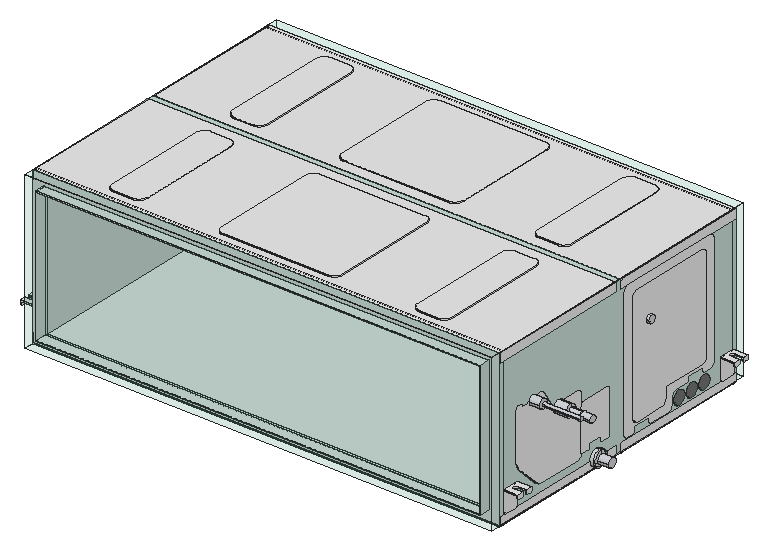
Revit family "SINGLE_BIG_DUCT_EU", category 기계 장비, Revit 2014
Parameters (values of type "18.00 kW,  220-240V, BIG DUCT")
  제조업체 = "SAMSUNG"
  모델 = "AC180JNHPKH/EU"
  Voltage [instance] = "220~240 V"
  URL = "www.samsung.com"
  Total Heating Capacity [instance] = 20 kW
  Total Cooling Capacity [instance] = 18 kW
  System Served = ""
  Supply Air Connection Width [instance] = 0.00 mm
  Supply Air Connection Offset Bottom [instance] = 0.00 mm
  Supply Air Connection Height [instance] = 0.00 mm
  Subscribe for Update Alerts = ""
  Sound Pressure Middle [instance] = "39.00 dB(A)"
  Sound Pressure Low [instance] = "35.00 dB(A)"
  Sound Pressure High [instance] = "43.00 dB(A)"
  Sound Power Cooling [instance] = "79.00 dB(A)"
  Serial Number = ""
  Sensible Cooling Capacity [instance] = 0 kW
  Sales Rep Locator = ""
  Return Air Connection Width [instance] = 0.00 mm
  Return Air Connection Offset Bottom [instance] = 0.00 mm
  Return Air Connection Height [instance] = 0.00 mm
  Refrigerant Type = "R410A"
  Refrigerant Liquid Connection Radius [instance] = if(1 = 1, Refrigerant Liquid Connection Diameter / 2, 0.00 mm)  # 4.76 mm
  Refrigerant Liquid Connection Offset Left [instance] = 144.701 mm
  Refrigerant Liquid Connection Offset Bottom [instance] = 278.691 mm
  Refrigerant Liquid Connection Diameter [instance] = 9.52 mm
  Refrigerant Suction Gas Connection Radius [instance] = if(1 = 1, Refrigerant Suction Gas Connection Diameter / 2, 0.00 mm)  # 9.525 mm
  Refrigerant Suction Gas Connection Offset Left [instance] = 238.05 mm
  Refrigerant Suction Gas Connection Offset Bottom [instance] = 221.744 mm
  Refrigerant Suction Gas Connection Diameter [instance] = 19.05 mm
  Power Connection Offset Left [instance] = 562.058 mm
  Power Connection Offset Bottom [instance] = 307.237 mm
  Panel net Dimensions Width [instance] = 0.00 mm
  Panel net Dimensions Height [instance] = 0.00 mm
  Panel net Dimensions Depth [instance] = 0.00 mm
  Conduit for power supply & communication wiring [instance] = 20.00 mm
  Condensate Drain Connection Radius [instance] = if(1 = 1, Condensate Drain Connection Diameter / 2, 0.00 mm)  # 12.50 mm
  Condensate Drain Connection Offset left [instance] = 374.638 mm
  Condensate Drain Connection Offset Bottom [instance] = 30.00 mm
  Condensate Drain Connection Diameter [instance] = 25.00 mm
  Product Page URL = ""
  Product Documentation Link = ""
  Power Supply [instance] = 50 Hz
  Power Input Heationg [instance] = 0 W
  Power Input Cooling [instance] = 0 W
  Phase [instance] = 1
  Panel Model = ""
  Panel  Net Weight = 0.00 kg
  Number of poles [instance] = ""
  Notes = ""
  Net Dimensions Width [instance] = 1350.00 mm
  Net Dimensions Height [instance] = 450.00 mm
  Net Dimensions Depth [instance] = 910.00 mm
  Net  Weight = 20.20 kg
  Motor Output = 500 W
  Maximum Rated Over Protection Device [instance] = "Fuse"
  Manufacturer Metadata = ""
  Location = ""
  Heating Leaving Dry Bulb Temperature [instance] = 0 °C
  Heating Entering Dry Bulb Temperature [instance] = 7 °C
  Free Content Downloads = ""
  Family Load Status [instance] = "Valid - Type loaded via type catalog"
  External Static Pressure [instance] = "6.12 mmAq"
  Equipment Finish [instance] = Molded case
  Designation = ""
  Design Heating Air Flow Minimum [instance] = "0.00 CMM"
  Design Heating Air Flow Maximum [instance] = "0.00 CMM"
  Design Cooling Air Flow Minimum [instance] = "50.00 CMM"
  Design Cooling Air Flow Maximum [instance] = "71.00 CMM"
  Design Ambient Winter Wet Bulb Temperature [instance] = 6 °C
  Design Ambient Winter Dry Bulb Temperature [instance] = 7 °C
  Design Ambient Summer Dry Bulb Temperature [instance] = 35 °C
  Decoration Panel Finish [instance] = Ivory
  Current Input Heating [instance] = 0 A
  Current Input Cooling [instance] = 0 A
  Cooling Leaving Wet Bulb Temperature [instance] = 0 °C
  Cooling Leaving Dry Bulb Temperature [instance] = 0 °C
  Cooling Entering Wet Bulb Temperature [instance] = 27 °C
  Cooling Entering Dry Bulb Temperature [instance] = 35 °C
  Clearance Type [instance] = Do not Include Clearance : Do not Include Clearance
  Clearance Offset Top [instance] = 0.00 mm
  Clearance Offset Right [instance] = 0.00 mm
  Clearance Offset Left [instance] = 0.00 mm
  Clearance Offset Front [instance] = 0.00 mm
  Clearance Offset Bottom [instance] = 0.00 mm
  Clearance Offset Back [instance] = 0.00 mm
  Air outlet duct Width [instance] = 1284.00 mm
  Air outlet duct Height [instance] = 387.00 mm
  Air inlet duct Width [instance] = 1284.00 mm
  Air inlet duct Height [instance] = 387.00 mm
  Actual Ventilation Air Flow [instance] = "0.00 CMM"
  Actual Supply Air Flow [instance] = "0.00 CMM"
  Actual Return Air Flow [instance] = "0.00 CMM"
  Actual Air Flow Imbalance [instance] = "0.00 CMM"
Types (4, lengths in mm): name | 모델 | Total Heating Capacity | Total Cooling Capacity | Sound Pressure Middle | Sound Pressure Low | Sound Pressure High | Sound Power Cooling | Refrigerant Suction Gas Connection Radius | Refrigerant Suction Gas Connection Diameter | Net  Weight | Motor Output | External Static Pressure | Design Cooling Air Flow Minimum | Design Cooling Air Flow Maximum
  (no name) | "AC180JNHPKH/EU" | 20 kW | 18 kW | "39.00 dB(A)" | "35.00 dB(A)" | "43.00 dB(A)" | "79.00 dB(A)" | 9.525 | 19.05 | 20.20 kg | 500 W | "6.12 mmAq" | "50.00 CMM" | "71.00 CMM"
  18.00 kW,  220-240V, BIG DUCT | "AC180JNHPKH/EU" | 20 kW | 18 kW | "39.00 dB(A)" | "35.00 dB(A)" | "43.00 dB(A)" | "79.00 dB(A)" | 9.525 | 19.05 | 20.20 kg | 500 W | "6.12 mmAq" | "50.00 CMM" | "71.00 CMM"
  20.00 kW,  220-240V, BIG DUCT | "AC200KNHPKH/EU" | 23 kW | 20 kW | "38.00 dB(A)" | "40.00 dB(A)" | "44.00 dB(A)" | "36.00 dB(A)" | 9.525 | 19.05 | 23.50 kg | 630 W | "7.34 mmAq" | "48.00 CMM" | "72.00 CMM"
  25.00 kW,  220-240V, BIG DUCT | "AC250KNHPKH/EU" | 27 kW | 25 kW | "39.00 dB(A)" | "42.00 dB(A)" | "47.00 dB(A)" | "37.00 dB(A)" | 11.11 | 22.22 | 23.50 kg | 630 W | "7.34 mmAq" | "51.00 CMM" | "80.00 CMM"
Reference planes
  plane 1 "중심(앞/뒤)": y = 0
  plane 2: z = 0
  plane 3 "중심(왼쪽/오른쪽)": x = 0
  plane 4 "a": y = 455
  plane 5 "aa": y = -455
  plane 6: x = -719.5
  plane 7: x = 719.5
  plane 8 "bb": x = 675
  plane 9 "b": x = -675
  plane 10 "h": z = 450
  plane 11: x = -642
  plane 12: x = 642
  plane 13: z = 418.5
  plane 14: z = 31.5
  plane 15: z = 225
  plane 16: x = 642
  plane 17: x = -642
  plane 18: z = 418.5
  plane 19: z = 31.5
  plane 20: z = 278.691
  plane 21: z = 221.744
  plane 22: z = 30
  plane 23: z = 307.237
  plane 24: y = 107.058
Forms (mm)
  Extrusion 1, solid, material "Ivory"
    sketch origin (0, 0, 0) x (1, 0, 0) y (0, 0, 1)
      loop
        line (-642, 418.5) -> (-642, 31.5) -> (642, 31.5) -> (642, 418.5) -> (-642, 418.5)
      loop
        arc (-674.2, 1.8) -> (-673.907, 1.093) -> (-673.2, 0.8) r 1
        line (-673.2, 0.8) -> (673.2, 0.8)
        arc (673.2, 0.8) -> (673.907, 1.093) -> (674.2, 1.8) r 1
        line (674.2, 1.8) -> (674.2, 448.2)
        arc (674.2, 448.2) -> (673.907, 448.907) -> (673.2, 449.2) r 1
        line (673.2, 449.2) -> (-673.2, 449.2)
        arc (-673.2, 449.2) -> (-673.907, 448.907) -> (-674.2, 448.2) r 1
        line (-674.2, 448.2) -> (-674.2, 1.8)
    from 415 to 424.802
  Extrusion 2, solid, material "Ivory"
    sketch origin (0, -455, 0) x (1, 0, 0) y (0, 0, 1)
      loop
        line (-674.2, 424.2) -> (-674.2, 448.2)
        arc (-674.2, 448.2) -> (-673.907, 448.907) -> (-673.2, 449.2) r 1
        line (-673.2, 449.2) -> (673.2, 449.2)
        arc (673.2, 449.2) -> (673.907, 448.907) -> (674.2, 448.2) r 1
        line (674.2, 448.2) -> (674.2, 424.2) -> (675, 424.2) -> (675, 448.2)
        arc (675, 448.2) -> (674.473, 449.473) -> (673.2, 450) r 1.8
        line (673.2, 450) -> (-673.2, 450)
        arc (-673.2, 450) -> (-674.473, 449.473) -> (-675, 448.2) r 1.8
        line (-675, 448.2) -> (-675, 424.2) -> (-674.2, 424.2)
    from -445.802 to -30.198
  Extrusion 3, solid, material "Ivory"
    sketch origin (0, -455, 0) x (1, 0, 0) y (0, 0, 1)
      loop
        line (-642, 418.5) -> (-642, 31.5) -> (642, 31.5) -> (642, 418.5) -> (-642, 418.5)
      loop
        line (-640.8, 32.7) -> (640.8, 32.7) -> (640.8, 417.3) -> (-640.8, 417.3) -> (-640.8, 32.7)
    from -30.198 to 0
  Extrusion 4, solid, material "Ivory"
    sketch origin (0, -455, 0) x (1, 0, 0) y (0, 0, 1)
      loop
        arc (674.2, 448.2) -> (673.907, 448.907) -> (673.2, 449.2) r 1
        line (673.2, 449.2) -> (-673.2, 449.2)
        arc (-673.2, 449.2) -> (-673.907, 448.907) -> (-674.2, 448.2) r 1
        line (-674.2, 448.2) -> (-674.2, 1.8)
        arc (-674.2, 1.8) -> (-673.907, 1.093) -> (-673.2, 0.8) r 1
        line (-673.2, 0.8) -> (673.2, 0.8)
        arc (673.2, 0.8) -> (673.907, 1.093) -> (674.2, 1.8) r 1
        line (674.2, 1.8) -> (674.2, 448.2)
      loop
        line (-669.2, 5.8) -> (669.2, 5.8) -> (669.2, 444.2) -> (-669.2, 444.2) -> (-669.2, 5.8)
    from -870 to -40
  Extrusion 5, solid, material "Ivory"
    sketch origin (0, 455, 0) x (1, 0, 0) y (0, 0, -1)
      loop
        line (-642, -418.5) -> (642, -418.5) -> (642, -31.5) -> (-642, -31.5) -> (-642, -418.5)
      loop
        line (-640.8, -32.7) -> (-640.8, -417.3) -> (640.8, -417.3) -> (640.8, -32.7) -> (-640.8, -32.7)
    from -30.198 to 0
  Extrusion 6, solid, material "Ivory"
    sketch origin (0, 0, 0) x (1, 0, 0) y (0, 0, -1)
      loop
        line (-642, -418.5) -> (642, -418.5) -> (642, -31.5) -> (-642, -31.5) -> (-642, -418.5)
      loop
        line (-674.2, -1.8) -> (-674.2, -448.2)
        arc (-674.2, -448.2) -> (-673.907, -448.907) -> (-673.2, -449.2) r 1
        line (-673.2, -449.2) -> (673.2, -449.2)
        arc (673.2, -449.2) -> (673.907, -448.907) -> (674.2, -448.2) r 1
        line (674.2, -448.2) -> (674.2, -1.8)
        arc (674.2, -1.8) -> (673.907, -1.093) -> (673.2, -0.8) r 1
        line (673.2, -0.8) -> (-673.2, -0.8)
        arc (-673.2, -0.8) -> (-673.907, -1.093) -> (-674.2, -1.8) r 1
    from 415 to 424.802
  Extrusion 7, solid, material "Ivory"
    sketch origin (0, -455, 449.9) x (1, 0, 0) y (0, 0, 1)
      loop
        line (-674.2, -424.1) -> (-675, -424.1) -> (-675, -448.1)
        arc (-675, -448.1) -> (-674.473, -449.373) -> (-673.2, -449.9) r 1.8
        line (-673.2, -449.9) -> (673.2, -449.9)
        arc (673.2, -449.9) -> (674.473, -449.373) -> (675, -448.1) r 1.8
        line (675, -448.1) -> (675, -424.1) -> (674.2, -424.1) -> (674.2, -448.1)
        arc (674.2, -448.1) -> (673.907, -448.807) -> (673.2, -449.1) r 1
        line (673.2, -449.1) -> (-673.2, -449.1)
        arc (-673.2, -449.1) -> (-673.907, -448.807) -> (-674.2, -448.1) r 1
        line (-674.2, -448.1) -> (-674.2, -424.1)
    from -445.802 to -30.198
  Extrusion 8, solid, material "Ivory"
    sketch origin (0, 455, 0) x (1, 0, 0) y (0, 0, -1)
      loop
        line (-674.2, -424.2) -> (-675, -424.2) -> (-675, -448.2)
        arc (-675, -448.2) -> (-674.473, -449.473) -> (-673.2, -450) r 1.8
        line (-673.2, -450) -> (673.2, -450)
        arc (673.2, -450) -> (674.473, -449.473) -> (675, -448.2) r 1.8
        line (675, -448.2) -> (675, -424.2) -> (674.2, -424.2) -> (674.2, -448.2)
        arc (674.2, -448.2) -> (673.907, -448.907) -> (673.2, -449.2) r 1
        line (673.2, -449.2) -> (-673.2, -449.2)
        arc (-673.2, -449.2) -> (-673.907, -448.907) -> (-674.2, -448.2) r 1
        line (-674.2, -448.2) -> (-674.2, -424.2)
    from -445.802 to -30.198
  Extrusion 9, solid, material "Ivory"
    sketch origin (0, 455, 449.9) x (1, 0, 0) y (0, 0, -1)
      loop
        line (-674.2, 424.1) -> (-674.2, 448.1)
        arc (-674.2, 448.1) -> (-673.907, 448.807) -> (-673.2, 449.1) r 1
        line (-673.2, 449.1) -> (673.2, 449.1)
        arc (673.2, 449.1) -> (673.907, 448.807) -> (674.2, 448.1) r 1
        line (674.2, 448.1) -> (674.2, 424.1) -> (675, 424.1) -> (675, 448.1)
        arc (675, 448.1) -> (674.473, 449.373) -> (673.2, 449.9) r 1.8
        line (673.2, 449.9) -> (-673.2, 449.9)
        arc (-673.2, 449.9) -> (-674.473, 449.373) -> (-675, 448.1) r 1.8
        line (-675, 448.1) -> (-675, 424.1) -> (-674.2, 424.1)
    from -445.802 to -30.198
  Extrusion 10, solid, material "Ivory"
    sketch origin (0, 0, 0) x (1, 0, 0) y (0, 1, 0)
      loop
        line (-390.193, 67) -> (-390.193, 367)
        arc (-390.193, 367) -> (-397.459, 384.541) -> (-415, 391.807) r 24.807
        line (-415, 391.807) -> (-466, 391.807)
        arc (-466, 391.807) -> (-483.541, 384.541) -> (-490.807, 367) r 24.807
        line (-490.807, 367) -> (-490.807, 67)
        arc (-490.807, 67) -> (-483.541, 49.459) -> (-466, 42.193) r 24.807
        line (-466, 42.193) -> (-415, 42.193)
        arc (-415, 42.193) -> (-397.459, 49.459) -> (-390.193, 67) r 24.807
      loop
        line (-174.807, 367) -> (-174.807, 67)
        arc (-174.807, 67) -> (-167.541, 49.459) -> (-150, 42.193) r 24.807
        line (-150, 42.193) -> (150, 42.193)
        arc (150, 42.193) -> (167.541, 49.459) -> (174.807, 67) r 24.807
        line (174.807, 67) -> (174.807, 367)
        arc (174.807, 367) -> (167.541, 384.541) -> (150, 391.807) r 24.807
        line (150, 391.807) -> (-150, 391.807)
        arc (-150, 391.807) -> (-167.541, 384.541) -> (-174.807, 367) r 24.807
      loop
        line (390.193, 367) -> (390.193, 67)
        arc (390.193, 67) -> (397.459, 49.459) -> (415, 42.193) r 24.807
        line (415, 42.193) -> (466, 42.193)
        arc (466, 42.193) -> (483.541, 49.459) -> (490.807, 67) r 24.807
        line (490.807, 67) -> (490.807, 367)
        arc (490.807, 367) -> (483.541, 384.541) -> (466, 391.807) r 24.807
        line (466, 391.807) -> (415, 391.807)
        arc (415, 391.807) -> (397.459, 384.541) -> (390.193, 367) r 24.807
      loop
        line (390.193, -67) -> (390.193, -367)
        arc (390.193, -367) -> (397.459, -384.541) -> (415, -391.807) r 24.807
        line (415, -391.807) -> (466, -391.807)
        arc (466, -391.807) -> (483.541, -384.541) -> (490.807, -367) r 24.807
        line (490.807, -367) -> (490.807, -67)
        arc (490.807, -67) -> (483.541, -49.459) -> (466, -42.193) r 24.807
        line (466, -42.193) -> (415, -42.193)
        arc (415, -42.193) -> (397.459, -49.459) -> (390.193, -67) r 24.807
      loop
        line (174.807, -367) -> (174.807, -67)
        arc (174.807, -67) -> (167.541, -49.459) -> (150, -42.193) r 24.807
        line (150, -42.193) -> (-150, -42.193)
        arc (-150, -42.193) -> (-167.541, -49.459) -> (-174.807, -67) r 24.807
        line (-174.807, -67) -> (-174.807, -367)
        arc (-174.807, -367) -> (-167.541, -384.541) -> (-150, -391.807) r 24.807
        line (-150, -391.807) -> (150, -391.807)
        arc (150, -391.807) -> (167.541, -384.541) -> (174.807, -367) r 24.807
      loop
        line (-390.193, -367) -> (-390.193, -67)
        arc (-390.193, -67) -> (-397.459, -49.459) -> (-415, -42.193) r 24.807
        line (-415, -42.193) -> (-466, -42.193)
        arc (-466, -42.193) -> (-483.541, -49.459) -> (-490.807, -67) r 24.807
        line (-490.807, -67) -> (-490.807, -367)
        arc (-490.807, -367) -> (-483.541, -384.541) -> (-466, -391.807) r 24.807
        line (-466, -391.807) -> (-415, -391.807)
        arc (-415, -391.807) -> (-397.459, -384.541) -> (-390.193, -367) r 24.807
    from 450 to 452
  Extrusion 11, solid
    sketch origin (677.1, 65, 397.454) x (0, -1, 0) y (0, 0, -1)
      loop
        circle (-42.058, 90.217) r 10
    from 0 to 10
Dimensions and locks
  locked: Extrusion 3 to plane 5 "aa" at 30.198
  equal spacing: plane 5 "aa", plane 1 "중심(앞/뒤)", plane 4 "a"
  "Net Dimensions Depth": plane 5 "aa" to plane 4 "a"
  equal spacing: plane 9 "b", plane 3 "중심(왼쪽/오른쪽)", plane 8 "bb"
  "Net Dimensions Width": plane 9 "b" to plane 8 "bb"
  locked: Extrusion 5 to plane 4 "a" at 30.198
  locked: Extrusion 6 to Extrusion 6 at 9.802
  locked: Extrusion 1 to Extrusion 1 at 9.802
  locked: Extrusion 2 sketch curve to plane 9 "b" at 0.8
  locked: plane 10 "h" to Extrusion 2 sketch curve at 0.8
  locked: plane 10 "h" to Extrusion 2 sketch curve at 25.8  (x2)
  locked: plane 8 "bb" to Extrusion 2 sketch curve at 0.8
  locked: Extrusion 7 sketch curve to level at 25.8  (x2)
  locked: Extrusion 7 sketch curve to plane 9 "b" at 0.8
  locked: plane 8 "bb" to Extrusion 7 sketch curve at 0.8
  locked: Extrusion 4 sketch curve to Extrusion 4 sketch curve at 5  (x4)
  "Net Dimensions Height": plane 10 "h" to level
  locked: plane 9 "b" to plane 6 at 44.5
  locked: plane 7 to plane 8 "bb" at 44.5
  "Air outlet duct Height": plane 13 to plane 14
  "Air outlet duct Width": plane 11 to plane 12
  locked: Extrusion 3 sketch curve to Extrusion 3 sketch curve at 1.2  (x4)
  equal spacing: plane 11, plane 3 "중심(왼쪽/오른쪽)", plane 12  (x2)
  equal spacing: plane 13, plane 15, plane 14
  locked: Extrusion 5 sketch curve to Extrusion 5 sketch curve at 1.2  (x4)
  "Air inlet duct Width": plane 16 to plane 17
  equal spacing: plane 16, plane 3 "중심(왼쪽/오른쪽)", plane 17
  equal spacing: plane 19, plane 15, plane 18
  "Air inlet duct Height": plane 19 to plane 18
  locked: Extrusion 8 sketch curve to plane 10 "h" at 25.8  (x2)
  locked: Extrusion 8 sketch curve to Extrusion 8 sketch curve at 0.8  (x3)
  locked: level to Extrusion 9 sketch curve at 25.8  (x2)
  locked: Extrusion 9 sketch curve to Extrusion 9 sketch curve at 0.8  (x3)
  locked: plane 1 "중심(앞/뒤)" to Extrusion 8 at 9.198
  locked: Extrusion 2 to plane 1 "중심(앞/뒤)" at 9.198
  locked: level to nested 2 at 27
  locked: level to nested 1 at 27
  locked: level to nested 4 at 27
  locked: level to nested 3 at 27
  locked: nested 1 to level at 27
  locked: nested 2 to level at 27
  locked: plane 1 "중심(앞/뒤)" to Extrusion 9 at 9.198
  locked: Extrusion 7 to plane 1 "중심(앞/뒤)" at 9.198
  locked: nested 5 to Extrusion 6 at 70
  locked: level to nested 5 at 30
  locked: nested 6 to level at 30
  "Condensate Drain Connection Offset left": plane 5 "aa" to nested 6
  locked: nested 7 to level at 221.744
  "Refrigerant Suction Gas Connection Offset Left": plane 5 "aa" to nested 7
  locked: nested 8 to level at 278.697
  "Refrigerant Liquid Connection Offset Left": plane 5 "aa" to nested 8
  locked: plane 5 "aa" to nested 9 at 84.339
  locked: level to nested 9 at 48.5
  locked: Extrusion 10 sketch curve to Extrusion 6 at 23.193  (x3)
  locked: Extrusion 9 to Extrusion 10 sketch curve at 32.995  (x3)
  locked: Extrusion 7 to Extrusion 10 sketch curve at 32.995  (x3)
  locked: Extrusion 4 to Extrusion 10 sketch curve at 23.193  (x3)
  locked: Extrusion 10 to Extrusion 2 at 2
  equal spacing: plane 10 "h", plane 15, level
  "Condensate Drain Connection Offset Bottom": level to plane 22
  "Refrigerant Suction Gas Connection Offset Bottom": plane 21 to level
  "Refrigerant Liquid Connection Offset Bottom": plane 20 to level
  locked: nested 5 to Extrusion 11 at 10
  "Power Connection Offset Bottom": plane 23 to level
  "Power Connection Offset Left": plane 5 "aa" to plane 24
  radius of Extrusion 2 sketch curve = 1.80 mm  (x2)
  radius of Extrusion 2 sketch curve = 1.00 mm  (x2)
  radius of Extrusion 4 sketch curve = 1.00 mm  (x4)
  radius of Extrusion 7 sketch curve = 1.80 mm  (x2)
  radius of Extrusion 7 sketch curve = 1.00 mm  (x2)
  radius of Extrusion 1 sketch curve = 1.00 mm  (x4)
  radius of Extrusion 6 sketch curve = 1.00 mm  (x4)
  radius of Extrusion 8 sketch curve = 1.80 mm  (x2)
  radius of Extrusion 8 sketch curve = 1.00 mm  (x2)
  radius of Extrusion 9 sketch curve = 1.80 mm  (x2)
  radius of Extrusion 9 sketch curve = 1.00 mm  (x2)
  "Conduit for power supply & communication wiring": diameter of Extrusion 11 sketch curve
  aligned and locked: level to plane 2
  aligned and locked: Extrusion 1 to Extrusion 3
  aligned and locked: Extrusion 4 to Extrusion 1
  aligned and locked: Extrusion 5 to plane 4 "a"
  aligned and locked: Extrusion 6 to Extrusion 5
  aligned and locked: Extrusion 4 to Extrusion 6
  aligned and locked: plane 9 "b" to Extrusion 2 sketch curve
  aligned and locked: Extrusion 2 sketch curve to plane 10 "h"
  aligned and locked: Extrusion 1 to Extrusion 4 sketch curve
  aligned and locked: Extrusion 4 sketch curve to Extrusion 2  (x2)
  aligned and locked: Extrusion 7 sketch curve to plane 9 "b"
  aligned and locked: Extrusion 4 sketch curve to Extrusion 1
  aligned and locked: Extrusion 1 sketch curve to plane 13
  aligned and locked: plane 12 to Extrusion 1 sketch curve
  aligned and locked: plane 14 to Extrusion 1 sketch curve
  aligned and locked: Extrusion 1 sketch curve to plane 11
  aligned and locked: Extrusion 1 sketch curve to Extrusion 2  (x2)
  aligned and locked: Extrusion 3 sketch curve to plane 13
  aligned and locked: plane 11 to Extrusion 3 sketch curve
  aligned and locked: plane 14 to Extrusion 3 sketch curve
  aligned and locked: Extrusion 3 sketch curve to plane 12
  aligned and locked: Extrusion 5 sketch curve to plane 16
  aligned and locked: plane 18 to Extrusion 5 sketch curve
  aligned and locked: Extrusion 5 sketch curve to plane 17
  aligned and locked: Extrusion 5 sketch curve to plane 19
  aligned and locked: plane 18 to Extrusion 6 sketch curve
  aligned and locked: plane 16 to Extrusion 6 sketch curve
  aligned and locked: Extrusion 6 sketch curve to plane 19
  aligned and locked: plane 17 to Extrusion 6 sketch curve
  aligned and locked: Extrusion 6 sketch curve to Extrusion 2  (x2)
  aligned and locked: Extrusion 4 to Extrusion 6 sketch curve
  aligned and locked: Extrusion 6 sketch curve to Extrusion 4
  aligned and locked: Extrusion 8 sketch curve to plane 8 "bb"
  aligned and locked: plane 10 "h" to Extrusion 8 sketch curve
  aligned and locked: Extrusion 8 sketch curve to plane 9 "b"
  aligned and locked: plane 9 "b" to Extrusion 9 sketch curve
  aligned and locked: plane 8 "bb" to Extrusion 9 sketch curve
  aligned and locked: level to Extrusion 9 sketch curve
  aligned and locked: Extrusion 8 to Extrusion 9
  aligned and locked: Extrusion 4 to nested 1
  aligned and locked: Extrusion 8 to Extrusion 6
  aligned and locked: Extrusion 2 to Extrusion 1
  aligned and locked: Extrusion 7 to Extrusion 2
  aligned and locked: Extrusion 4 to nested 2  (x2)
  aligned and locked: nested 3 to Extrusion 9
  aligned and locked: nested 4 to Extrusion 7
  aligned and locked: nested 4 to Extrusion 4
  aligned and locked: Extrusion 6 to nested 3
  aligned and locked: nested 1 to Extrusion 6
  aligned and locked: nested 5 to Extrusion 4
  aligned and locked: nested 6 to Extrusion 7
  aligned and locked: Extrusion 4 to nested 7
  aligned and locked: Extrusion 4 to nested 8
  aligned and locked: nested 9 to nested 4
  aligned and locked: Extrusion 10 to Extrusion 2
  aligned and locked: Extrusion 11 to nested 5
Automatic sketch dimensions
  level to Extrusion 1 sketch curve = 1.80 mm
  Extrusion 1 sketch curve to plane 10 "h" = 1.80 mm
  Extrusion 2 sketch curve to Extrusion 2 sketch curve = 0.00 mm
  Extrusion 7 sketch curve to Extrusion 7 sketch curve = 0.00 mm  (x3)
  Extrusion 7 sketch curve to level = 0.00 mm
  Extrusion 10 sketch curve to plane 11 = 151.193 mm
  Extrusion 10 sketch curve to Extrusion 10 sketch curve = 24.807 mm  (x19)
  Extrusion 10 sketch curve to Extrusion 10 sketch curve = 51.00 mm  (x8)
  Extrusion 10 sketch curve to plane 3 "중심(왼쪽/오른쪽)" = 174.807 mm  (x2)
  plane 3 "중심(왼쪽/오른쪽)" to Extrusion 10 sketch curve = 150.00 mm  (x3)
  Extrusion 10 sketch curve to Extrusion 10 sketch curve = 215.386 mm
  plane 12 to Extrusion 10 sketch curve = 251.807 mm
  Extrusion 10 sketch curve to Extrusion 10 sketch curve = 0.00 mm
  Extrusion 11 sketch curve to nested 5 = 57.012 mm
  Extrusion 11 sketch curve to nested 5 = 90.217 mm
Nested families
  nested 1: "Hook" at (-674.2, 391, -154) x (0, -1, 0) z (0, 0, 1), type "Hook"
    with Head Height 246.00 mm
  nested 2: "Hook" at (-674.2, -391, -154) x (0, -1, 0) z (0, 0, 1), type "Hook"
    with Head Height 246.00 mm
  nested 3: "Hook" at (674.2, 391, -154) x (0, -1, 0) z (0, 0, 1), type "Hook"
    with Head Height 246.00 mm
  nested 4: "Hook" at (674.2, -391, -154) x (0, -1, 0) z (0, 0, 1), type "Hook"
    with Head Height 246.00 mm
  nested 5: "Power connetion panel" at (0, 0, 0), type "Power connetion panel"
  nested 6: "Drain pipe connection" at (0, 0, 0), Refrigerant Drain Connection Diameter <- "Condensate Drain Connection Diameter", type "Drain pipe connection"
    with Refrigerant Drain Connection Diameter 25.00 mm
  nested 7: "Gas pipe connection" at (0, 0, 0), Refrigerant Gas Connection Diameter <- "Refrigerant Suction Gas Connection Diameter", type "Gas pipe connection"
    with Refrigerant Gas Connection Diameter 19.05 mm
  nested 8: "Liquid pipe connection" at (0, 0, 0), Refrigerant Liquid Connection Diameter <- "Refrigerant Liquid Connection Diameter", type "Liquid pipe connection"
    with Refrigerant Liquid Connection Diameter 9.52 mm
  nested 9: "Side panel" at (0, 0, 0), type "Side panel"
  nested 10: "Do not Include Clearance" at (0, 0, 0), type "Do not Include Clearance"
    with Equipment Finish Default, Width 910.00 mm, Length 1350.00 mm, Height 450.00 mm
  nested 11: "Include Clearance" at (0, 0, 0), type "Include Clearance"
    with Equipment Finish none, Width 910.00 mm, Length 1350.00 mm, Height 450.00 mm
Connectors
  piping at (818.049, -310.299, 278.691), diameter 9.52, driven by "Refrigerant Liquid Connection Diameter"
    settings: on nested 8, index 1, connector inside diameter 609.6 mm, connector length 0.00 mm, flow factor 0, pipe flow 0.0 L/s, pressure drop 0.0 Pa, fitting loss kfactor 0, connector angle 0.00°, fixture units 0, engagement length 0.00 mm, angle of deflection 0.00°, flow configuration 0, flow direction 0, fitting loss method 0, system type 7, joint type 0, gender type 0, connector reference index -1, connector utility 0, adjustable connector no, is connector primary yes, connector description ""
  piping at (775.4, -216.95, 221.744), diameter 19.05, driven by "Refrigerant Suction Gas Connection Diameter"
    settings: on nested 7, index 2, connector inside diameter 609.6 mm, connector length 0.00 mm, flow factor 0, pipe flow 0.0 L/s, pressure drop 0.0 Pa, fitting loss kfactor 0, connector angle 0.00°, fixture units 0, engagement length 0.00 mm, angle of deflection 0.00°, flow configuration 0, flow direction 0, fitting loss method 0, system type 7, joint type 0, gender type 0, connector reference index -1, connector utility 0, adjustable connector no, is connector primary no, connector description ""
  piping at (722.159, -80.362, 30), diameter 25, driven by "Condensate Drain Connection Diameter"
    settings: on nested 6, index 3, connector inside diameter 609.6 mm, connector length 0.00 mm, flow factor 0, pipe flow 0.0 L/s, pressure drop 0.0 Pa, fitting loss kfactor 0, connector angle 0.00°, fixture units 0, engagement length 0.00 mm, angle of deflection 0.00°, flow configuration 0, flow direction 0, fitting loss method 0, system type 7, joint type 0, gender type 0, connector reference index -1, connector utility 0, adjustable connector no, is connector primary no, connector description ""
  hvac at (0, -455, 225), driven by "Air outlet duct Height", driven by "Air outlet duct Width"
    settings: on Extrusion 3, index 4, duct flow 0.0 L/s, flow factor 0, pres drop 0.0 Pa, loss coef 0, conn angle 0.00°, conn width 1284 mm, conn height 387 mm, conn diameter 609.6 mm, duct sys type 3, conn prof type 1, flow config 0, flow direction 0, loss method 0, conn ref index 5, conn util no, is conn primary yes, conn desc ""
  hvac at (0, 455, 225), driven by "Air inlet duct Height", driven by "Air inlet duct Width"
    settings: on Extrusion 5, index 5, duct flow 0.0 L/s, flow factor 0, pres drop 0.0 Pa, loss coef 0, conn angle 0.00°, conn width 1284 mm, conn height 387 mm, conn diameter 609.6 mm, duct sys type 3, conn prof type 1, flow config 0, flow direction 0, loss method 0, conn ref index 4, conn util no, is conn primary no, conn desc ""
  electrical at (687.1, 107.058, 307.237)
    settings: on Extrusion 11, index 6, voltage 0 V, apparent load 0 VA, apparent load phase1 0 VA, apparent load phase2 0 VA, apparent load phase3 0 VA, power factor 1, load classification "기타", number of poles 1, system type 31, power factor state 1, is connector primary yes, connector utility no, sub classification motor no, connector description ""
Definition of nested family "Hook"
  Parameters (values of type "Hook")
    Material = Ivory
    Head Height [instance] = 246.00 mm
    Body Height = 65.00 mm
  Reference planes
    plane 1 "Center (Front/Back)": y = 0
    plane 2: z = 0
    plane 3 "Center (Left/Right)": x = 0
    plane 4 "Top": z = 246
    plane 5: z = 181
  Forms (mm)
    Extrusion 1, solid, material "Ivory" <- "Material"
      sketch origin (0, 0, 0) x (1, 0, 0) y (0, 0, 1)
        loop
          line (-24, 246) -> (-24, 191)
          arc (-24, 191) -> (-21.071, 183.929) -> (-14, 181) r 10
          line (-14, 181) -> (14, 181)
          arc (14, 181) -> (21.071, 183.929) -> (24, 191) r 10
          line (24, 191) -> (24, 246) -> (-24, 246)
      from 0 to 3.2
    Extrusion 2, solid, material "Ivory" <- "Material"
      sketch origin (0, 0, 246) x (-1, 0, 0) y (0, -1, 0)
        loop
          line (24, 3.2) -> (24, 44.4) -> (6, 44.4) -> (6, 18.4)
          arc (6, 18.4) -> (0, 12.4) -> (-6, 18.4) r 6
          line (-6, 18.4) -> (-6, 44.4) -> (-24, 44.4) -> (-24, 3.2) -> (24, 3.2)
      from 0 to -3.2
    Extrusion 3, solid, material "Ivory" <- "Material"
      sketch origin (-24, -44.4, 246) x (1, 0, 0) y (0, 0, 1)
        loop
          line (0, 0) -> (0, -7)
          arc (0, -7) -> (1.464, -10.536) -> (5, -12) r 5
          line (5, -12) -> (13, -12)
          arc (13, -12) -> (16.536, -10.536) -> (18, -7) r 5
          line (18, -7) -> (18, 0) -> (0, 0)
        loop
          line (48, 0) -> (30, 0) -> (30, -7)
          arc (30, -7) -> (31.464, -10.536) -> (35, -12) r 5
          line (35, -12) -> (43, -12)
          arc (43, -12) -> (46.536, -10.536) -> (48, -7) r 5
          line (48, -7) -> (48, 0)
      from 0 to -3.2
  Cuts and joins
    joined: Extrusion 1, Extrusion 2, Extrusion 3
  Dimensions and locks
    "Head Height": plane 4 "Top" to level
    Extrusion 1 sketch curve to plane 3 "Center (Left/Right)" to Extrusion 1 sketch curve = 24.00 mm, 24.00 mm
    "Body Height": plane 4 "Top" to plane 5
    radius of Extrusion 1 sketch curve = 10.00 mm  (x2)
    aligned and locked: level to plane 2
    aligned and locked: Extrusion 1 sketch curve to plane 4 "Top"
    aligned and locked: Extrusion 2 sketch curve to Extrusion 1
    aligned and locked: Extrusion 3 sketch curve to cut or joined group of Extrusion 1, Extrusion 2, Extrusion 3  (x4)
    aligned and locked: cut or joined group of Extrusion 1, Extrusion 2, Extrusion 3 to Extrusion 3 sketch curve
    aligned and locked: Extrusion 1 sketch curve to plane 5
  Automatic sketch dimensions
    Extrusion 2 sketch curve to plane 3 "Center (Left/Right)" = 0.00 mm
    plane 3 "Center (Left/Right)" to Extrusion 2 sketch curve = 6.00 mm
    Extrusion 2 sketch curve to Extrusion 2 sketch curve = 18.00 mm  (x2)
    plane 1 "Center (Front/Back)" to Extrusion 2 sketch curve = 18.40 mm
    Extrusion 2 sketch curve to Extrusion 2 sketch curve = 26.00 mm
    Extrusion 2 sketch curve to Extrusion 2 sketch curve = 0.00 mm
    Extrusion 3 sketch curve to Extrusion 2 = 0.00 mm
    Extrusion 3 sketch curve to Extrusion 2 = 3.80 mm  (x4)
    Extrusion 2 to Extrusion 3 sketch curve = 5.00 mm
    Extrusion 3 sketch curve to Extrusion 3 sketch curve = 5.00 mm
Definition of nested family "Power connetion panel"
  Reference planes
    plane 1 "중심(앞/뒤)": y = 0
    plane 2: z = 0
    plane 3 "중심(왼쪽/오른쪽)": x = 0
  Forms (mm)
    Extrusion 1, solid, material "Ivory"
      sketch origin (0, 0, 0) x (0, 1, 0) y (0, 0, 1)
        loop
          line (58.002, 47.8) -> (108.998, 47.8)
          arc (108.998, 47.8) -> (110.766, 47.068) -> (111.498, 45.3) r 2.5
          line (111.498, 45.3) -> (111.498, 37)
          arc (111.498, 37) -> (113.548, 32.05) -> (118.498, 30) r 7
          line (118.498, 30) -> (177.5, 30)
          arc (177.5, 30) -> (188.107, 34.393) -> (192.5, 45) r 15
          line (192.5, 45) -> (192.5, 57.5)
          arc (192.5, 57.5) -> (198.358, 71.642) -> (212.5, 77.5) r 20
          line (212.5, 77.5) -> (245.502, 77.5)
          arc (245.502, 77.5) -> (249.038, 78.964) -> (250.502, 82.5) r 5
          line (250.502, 82.5) -> (250.502, 88.8)
          arc (250.502, 88.8) -> (251.234, 90.568) -> (253.002, 91.3) r 2.5
          line (253.002, 91.3) -> (303.998, 91.3)
          arc (303.998, 91.3) -> (305.766, 90.568) -> (306.498, 88.8) r 2.5
          line (306.498, 88.8) -> (306.498, 82.5)
          arc (306.498, 82.5) -> (307.962, 78.964) -> (311.498, 77.5) r 5
          line (311.498, 77.5) -> (330, 77.5)
          arc (330, 77.5) -> (340.607, 81.893) -> (345, 92.5) r 15
          line (345, 92.5) -> (345, 407.5)
          arc (345, 407.5) -> (340.607, 418.107) -> (330, 422.5) r 15
          line (330, 422.5) -> (35, 422.5)
          arc (35, 422.5) -> (24.393, 418.107) -> (20, 407.5) r 15
          line (20, 407.5) -> (20, 45)
          arc (20, 45) -> (24.393, 34.393) -> (35, 30) r 15
          line (35, 30) -> (48.502, 30)
          arc (48.502, 30) -> (53.452, 32.05) -> (55.502, 37) r 7
          line (55.502, 37) -> (55.502, 45.3)
          arc (55.502, 45.3) -> (56.234, 47.068) -> (58.002, 47.8) r 2.5
      from 674.2 to 675.267
    Extrusion 2, solid, material "Ivory"
      sketch origin (0, 0, 0) x (0, 1, 0) y (0, 0, 1)
        loop
          arc (65, 397.454) -> (54.426, 393.074) -> (50.046, 382.5) r 14.954
          line (50.046, 382.5) -> (50.046, 73.833)
          arc (50.046, 73.833) -> (54.963, 61.963) -> (66.833, 57.046) r 16.787
          line (66.833, 57.046) -> (152.5, 57.046)
          arc (152.5, 57.046) -> (163.074, 61.426) -> (167.454, 72) r 14.954
          line (167.454, 72) -> (167.454, 97)
          arc (167.454, 97) -> (168.932, 100.568) -> (172.5, 102.046) r 5.046
          line (172.5, 102.046) -> (300, 102.046)
          arc (300, 102.046) -> (310.574, 106.426) -> (314.954, 117) r 14.954
          line (314.954, 117) -> (314.954, 382.5)
          arc (314.954, 382.5) -> (310.574, 393.074) -> (300, 397.454) r 14.954
          line (300, 397.454) -> (65, 397.454)
      from 675.267 to 677.1
    Extrusion 3, solid, material "Molded case"
      sketch origin (0, 0, 0) x (0, 1, 0) y (0, 0, 1)
        loop
          circle (217.5, 52.8) r 19
        loop
          circle (262.5, 52.8) r 19
        loop
          circle (307.5, 52.8) r 19
      from 674.2 to 677.3
  Dimensions and locks
    aligned and locked: level to plane 2
Definition of nested family "Drain pipe connection"
  Parameters (values of type "Drain pipe connection")
    Refrigerant Drain Connection Diameter [instance] = 25.00 mm
  Reference planes
    plane 1 "중심(앞/뒤)": y = 0
    plane 2: z = 0
    plane 3 "중심(왼쪽/오른쪽)": x = 0
    plane 4: z = 30
    plane 5: y = -80.362
  Forms (mm)
    Revolve 1, solid
      sketch origin (0, -80.362, 0) x (-1, 0, 0) y (0, 0, 1)
        loop
          arc (-686.531, 52.928) -> (-688.213, 52.152) -> (-688.9, 50.431) r 2.5
          line (-688.9, 50.431) -> (-688.9, 30) -> (-674.2, 30) -> (-674.2, 53.574) -> (-686.531, 52.928)
        axis (-674.2, 30) -> (-688.9, 30)
      angle from 0 to 360
    Extrusion 2, solid
      sketch origin (0, 0, 0) x (0, 1, 0) y (0, 0, 1)
        loop
          circle (-80.362, 30) r 12.5
      from 688.9 to 722.159
  Dimensions and locks
    "Refrigerant Drain Connection Diameter": diameter of Extrusion 2 sketch curve
    aligned and locked: level to plane 2
  Automatic sketch dimensions
    Revolve 1 sketch curve to plane 4 = 0.00 mm  (x2)
    Revolve 1 sketch curve to plane 4 = 22.928 mm
    Revolve 1 sketch curve to Revolve 1 sketch curve = 2.369 mm
    Revolve 1 sketch curve to Revolve 1 sketch curve = 2.50 mm
    Revolve 1 sketch curve to Revolve 1 sketch curve = 12.331 mm
    Revolve 1 sketch curve to Revolve 1 sketch curve = 0.646 mm
    Revolve 1 sketch curve to Revolve 1 sketch curve = 55.618 mm
    plane 3 "중심(왼쪽/오른쪽)" to Revolve 1 sketch curve = 688.90 mm
    Revolve 1 sketch curve to Revolve 1 sketch curve = 139.682 mm
    plane 4 to Extrusion 2 sketch curve = 0.00 mm
    Extrusion 2 sketch curve to plane 5 = 0.00 mm
Definition of nested family "Gas pipe connection"
  Parameters (values of type "Gas pipe connection")
    Refrigerant Gas Connection Diameter [instance] = 37.675 mm
  Reference planes
    plane 1 "중심(앞/뒤)": y = 0
    plane 2: z = 0
    plane 3 "중심(왼쪽/오른쪽)": x = 0
    plane 4: y = -216.95
    plane 5: z = 221.744
  Forms (mm)
    Revolve 1, solid
      sketch origin (0, -216.95, 0) x (-1, 0, 0) y (0, 0, 1)
        loop
          line (-711.9, 238.744) -> (-711.9, 231.269) -> (-745.4, 231.269) -> (-745.4, 221.744) -> (-674.2, 221.744) -> (-674.2, 238.744) -> (-711.9, 238.744)
        axis (-674.2, 221.744) -> (-745.4, 221.744)
      angle from 0 to 360
    Extrusion 2, solid
      sketch origin (0, 0, 0) x (0, 1, 0) y (0, 0, 1)
        loop
          circle (-216.95, 221.744) r 18.837
      from 745.4 to 775.4
  Dimensions and locks
    "Refrigerant Gas Connection Diameter": diameter of Extrusion 2 sketch curve
    aligned and locked: level to plane 2
  Automatic sketch dimensions
    Revolve 1 sketch curve to plane 5 = 0.00 mm  (x2)
    Revolve 1 sketch curve to plane 5 = 9.525 mm
    plane 3 "중심(왼쪽/오른쪽)" to Revolve 1 sketch curve = 745.40 mm
    Revolve 1 sketch curve to plane 5 = 17.00 mm
    Revolve 1 sketch curve to Revolve 1 sketch curve = 33.50 mm
    Revolve 1 sketch curve to Revolve 1 sketch curve = 37.70 mm
    Revolve 1 sketch curve to Revolve 1 sketch curve = 106.50 mm
    Revolve 1 sketch curve to Revolve 1 sketch curve = 57.30 mm
    Extrusion 2 sketch curve to plane 4 = 0.00 mm
    plane 5 to Extrusion 2 sketch curve = 0.00 mm
Definition of nested family "Liquid pipe connection"
  Parameters (values of type "Liquid pipe connection")
    Refrigerant Liquid Connection Diameter [instance] = 6.35 mm
  Reference planes
    plane 1 "중심(앞/뒤)": y = 0
    plane 2: z = 0
    plane 3 "중심(왼쪽/오른쪽)": x = 0
    plane 4: z = 278.697
    plane 5: y = -310.299
  Forms (mm)
    Extrusion 1, solid
      sketch origin (0, 0, 0) x (0, 1, 0) y (0, 0, 1)
        loop
          circle (-310.299, 278.691) r 13
      from 674.2 to 707.399
    Extrusion 2, solid
      sketch origin (0, 0, 0) x (0, 1, 0) y (0, 0, 1)
        loop
          circle (-310.299, 278.691) r 3.175
      from 707.399 to 818.049
  Dimensions and locks
    "Refrigerant Liquid Connection Diameter": diameter of Extrusion 2 sketch curve
    aligned and locked: level to plane 2
  Automatic sketch dimensions
    Extrusion 1 sketch curve to plane 5 = 0.00 mm
    plane 4 to Extrusion 1 sketch curve = 0.006 mm
    Extrusion 2 sketch curve to plane 5 = 0.00 mm
    plane 4 to Extrusion 2 sketch curve = 0.006 mm
    radius of Extrusion 1 sketch curve = 13.00 mm
Definition of nested family "Side panel"
  Reference planes
    plane 1 "중심(앞/뒤)": y = 0
    plane 2: z = 0
    plane 3 "중심(왼쪽/오른쪽)": x = 0
  Forms (mm)
    Extrusion 1, solid, material "Ivory"
      sketch origin (0, 0, 0) x (0, 1, 0) y (0, 0, 1)
        loop
          arc (-198.271, 219.313) -> (-204.52, 207.591) -> (-216.95, 202.907) r 18.837
          arc (-216.95, 202.907) -> (-232.054, 210.487) -> (-235.002, 227.126) r 18.837
          line (-235.002, 227.126) -> (-270.235, 278.923)
          arc (-270.235, 278.923) -> (-273.826, 282.137) -> (-278.503, 283.299) r 10
          line (-278.503, 283.299) -> (-291.28, 283.299)
          arc (-291.28, 283.299) -> (-294.816, 281.834) -> (-296.28, 278.299) r 5
          arc (-296.28, 278.299) -> (-296.607, 277.559) -> (-297.374, 277.303) r 1
          arc (-297.374, 277.303) -> (-301.614, 269.024) -> (-310.299, 265.697) r 13
          arc (-310.299, 265.697) -> (-318.983, 269.023) -> (-323.224, 277.299) r 13
          line (-323.224, 277.299) -> (-324.33, 277.299)
          arc (-324.33, 277.299) -> (-325.037, 277.006) -> (-325.33, 276.299) r 1
          arc (-325.33, 276.299) -> (-325.623, 275.591) -> (-326.33, 275.299) r 1
          line (-326.33, 275.299) -> (-347.33, 275.299)
          arc (-347.33, 275.299) -> (-348.037, 275.591) -> (-348.33, 276.299) r 1
          line (-348.33, 276.299) -> (-348.33, 278.299)
          arc (-348.33, 278.299) -> (-349.795, 281.834) -> (-353.33, 283.299) r 5
          line (-353.33, 283.299) -> (-360.661, 283.299)
          arc (-360.661, 283.299) -> (-367.732, 280.37) -> (-370.661, 273.299) r 10
          line (-370.661, 273.299) -> (-370.661, 146.784)
          arc (-370.661, 146.784) -> (-367.616, 131.477) -> (-358.945, 118.5) r 40
          line (-358.945, 118.5) -> (-300.661, 60.216)
          arc (-300.661, 60.216) -> (-287.684, 51.545) -> (-272.376, 48.5) r 40
          line (-272.376, 48.5) -> (-146.161, 48.5)
          arc (-146.161, 48.5) -> (-139.09, 51.429) -> (-136.161, 58.5) r 10
          line (-136.161, 58.5) -> (-136.161, 217.744)
          arc (-136.161, 217.744) -> (-139.09, 224.815) -> (-146.161, 227.744) r 10
          line (-146.161, 227.744) -> (-191.701, 227.744)
          arc (-191.701, 227.744) -> (-194.569, 226.84) -> (-196.399, 224.454) r 5
          line (-196.399, 224.454) -> (-198.271, 219.313)
      from 674.2 to 675.267
    Extrusion 2, solid, material "Ivory"
      sketch origin (0, 0, 0) x (0, 1, 0) y (0, 0, 1)
        loop
          arc (-61.952, 65.011) -> (-60.488, 61.475) -> (-56.952, 60.011) r 5
          line (-56.952, 60.011) -> (-39.75, 60.011)
          arc (-39.75, 60.011) -> (-35.295, 61.856) -> (-33.45, 66.311) r 6.3
          line (-33.45, 66.311) -> (-33.45, 186.5)
          arc (-33.45, 186.5) -> (-35.295, 190.955) -> (-39.75, 192.8) r 6.3
          line (-39.75, 192.8) -> (-127.75, 192.8)
          arc (-127.75, 192.8) -> (-132.205, 190.955) -> (-134.05, 186.5) r 6.3
          line (-134.05, 186.5) -> (-134.05, 66.311)
          arc (-134.05, 66.311) -> (-132.205, 61.856) -> (-127.75, 60.011) r 6.3
          line (-127.75, 60.011) -> (-110.548, 60.011)
          arc (-110.548, 60.011) -> (-107.012, 61.475) -> (-105.548, 65.011) r 5
          line (-105.548, 65.011) -> (-105.548, 74.583)
          arc (-105.548, 74.583) -> (-104.048, 76.083) -> (-102.548, 74.583) r 1.5
          line (-102.548, 74.583) -> (-64.952, 74.583)
          arc (-64.952, 74.583) -> (-63.452, 76.083) -> (-61.952, 74.583) r 1.5
          line (-61.952, 74.583) -> (-61.952, 65.011)
      from 674.2 to 675.267
  Dimensions and locks
    aligned and locked: level to plane 2
Definition of nested family "Include Clearance"
  Parameters (values of type "Include Clearance")
    Width = 330.00 mm
    URL = ""
    Manufacturer = ""
    Length = 940.00 mm
    Height = 1210.00 mm
    Equipment Finish [instance] = none
    Copyright © = ""
    Clearance Offset Top = 0.00 mm
    Clearance Offset Right = 0.00 mm
    Clearance Offset Left = 0.00 mm
    Clearance Offset Front = 0.00 mm
    Clearance Offset Bottom = 0.00 mm
    Clearance Offset Back = 0.00 mm
    Assembly Code = ""
  Reference planes
    plane 1 "Center (Front/Back)": y = 0
    plane 2 "Bottom": z = 0
    plane 3 "Center (Left/Right)": x = 0
    plane 4 "Left": x = -470
    plane 5 "Back": y = 165
    plane 6 "Right": x = 470
    plane 7 "Front": y = -165
    plane 8 "Top": z = 1210
    plane 9 "Clearance Offset Right": x = 470
    plane 10 "Clearance Offset Left": x = -470
    plane 11 "Clearance Offset Back": y = 165
    plane 12 "Clearance Offset Front": y = -165
    plane 13 "Clearance Offset Top": z = 1210
    plane 14: z = 0
  Forms (mm)
    Extrusion 1, solid, material "Clearance - Daikin - Green (80% Transparent)"
      sketch origin (0, 0, 0) x (1, 0, 0) y (0, 1, 0)
        loop
          line (-470, 165) -> (-470, -165) -> (470, -165) -> (470, 165) -> (-470, 165)
      from 0 to 1210
  Lines and regions (mm)
    symbolic lines, style "Clearance"
      curve 1: line (-470, 0, 1210) -> (470, 0, 1210)
      curve 2: line (-470, 0, 0) -> (-470, 0, 1210)
      curve 3: line (470, 0, 0) -> (-470, 0, 0)
      curve 4: line (470, 0, 1210) -> (470, 0, 0)
      curve 5: line (0, 165, 1210) -> (0, -165, 1210)
      curve 6: line (0, 165, 0) -> (0, 165, 1210)
      curve 7: line (0, -165, 0) -> (0, 165, 0)
      curve 8: line (0, -165, 1210) -> (0, -165, 0)
      curve 9: line (-470, 165, 0) -> (470, 165, 0)
      curve 10: line (-470, -165, 0) -> (-470, 165, 0)
      curve 11: line (470, -165, 0) -> (-470, -165, 0)
      curve 12: line (470, 165, 0) -> (470, -165, 0)
  Text (mm)
    text "Copyright © Daikin Industries, Ltd. 2008" at (0.011, 0.009, 0), in view "Ref. Level"
  Dimensions and locks
    equal spacing: plane 4 "Left", plane 3 "Center (Left/Right)", plane 6 "Right"
    "Length": plane 4 "Left" to plane 6 "Right"
    equal spacing: plane 5 "Back", plane 1 "Center (Front/Back)", plane 7 "Front"
    "Width": plane 5 "Back" to plane 7 "Front"
    "Height": plane 8 "Top" to plane 2 "Bottom"
    "Clearance Offset Front": plane 12 "Clearance Offset Front" to plane 7 "Front"
    "Clearance Offset Back": plane 11 "Clearance Offset Back" to plane 5 "Back"
    "Clearance Offset Left": plane 10 "Clearance Offset Left" to plane 4 "Left"
    "Clearance Offset Right": plane 6 "Right" to plane 9 "Clearance Offset Right"
    "Clearance Offset Top": plane 13 "Clearance Offset Top" to plane 8 "Top"
    curve 3 to plane 14 = 0.00 mm
    "Clearance Offset Bottom": plane 2 "Bottom" to plane 14
    aligned and locked: plane 2 "Bottom" to level
    aligned and locked: plane 9 "Clearance Offset Right" to Extrusion 1 sketch curve
    aligned and locked: Extrusion 1 sketch curve to plane 11 "Clearance Offset Back"
    aligned and locked: plane 10 "Clearance Offset Left" to Extrusion 1 sketch curve
    aligned and locked: Extrusion 1 sketch curve to plane 12 "Clearance Offset Front"
    aligned and locked: curve 9 to Extrusion 1  (x2)
    aligned and locked: Extrusion 1 to curve 12
    aligned and locked: curve 12 to Extrusion 1
    aligned and locked: plane 13 "Clearance Offset Top" to Extrusion 1
    aligned and locked: Extrusion 1 to plane 14
    aligned and locked: Extrusion 1 to plane 10 "Clearance Offset Left"
    aligned and locked: Extrusion 1 to plane 9 "Clearance Offset Right"  (x2)
    aligned and locked: Extrusion 1 to plane 13 "Clearance Offset Top"  (x2)
    aligned and locked: plane 14 to Extrusion 1  (x2)
    aligned and locked: curve 1 to plane 13 "Clearance Offset Top"
    aligned and locked: plane 9 "Clearance Offset Right" to curve 4
    aligned and locked: plane 10 "Clearance Offset Left" to curve 2
    aligned and locked: plane 14 to curve 3
    aligned and locked: plane 10 "Clearance Offset Left" to Extrusion 1  (x2)
    aligned and locked: curve 8 to plane 12 "Clearance Offset Front"
    aligned and locked: curve 5 to plane 13 "Clearance Offset Top"
    aligned and locked: curve 6 to plane 11 "Clearance Offset Back"
    aligned and locked: plane 14 to curve 7
Definition of nested family "Do not Include Clearance"
  Parameters (values of type "Do not Include Clearance")
    Width = 330.00 mm
    URL = ""
    Manufacturer = ""
    Length = 940.00 mm
    Height = 1210.00 mm
    Equipment Finish [instance] = Default
    Copyright © = ""
    Clearance Offset Top = 0.00 mm
    Clearance Offset Right = 0.00 mm
    Clearance Offset Left = 0.00 mm
    Clearance Offset Front = 0.00 mm
    Clearance Offset Bottom = 0.00 mm
    Clearance Offset Back = 0.00 mm
    Assembly Code = ""
  Reference planes
    plane 1 "Center (Front/Back)": y = 0
    plane 2 "Bottom": z = 0
    plane 3 "Center (Left/Right)": x = 0
    plane 4 "Left": x = -470
    plane 5 "Back": y = 165
    plane 6 "Right": x = 470
    plane 7 "Front": y = -165
    plane 8 "Top": z = 1210
    plane 9 "Clearance Offset Right": x = 470
    plane 10 "Clearance Offset Left": x = -470
    plane 11 "Clearance Offset Back": y = 165
    plane 12 "Clearance Offset Front": y = -165
    plane 13 "Clearance Offset Top": z = 1210
    plane 14: z = 0
  Lines and regions (mm)
    symbolic lines, style "Clearance"
      curve 1: line (-470, 0, 1210) -> (470, 0, 1210)
      curve 2: line (-470, 0, 0) -> (-470, 0, 1210)
      curve 3: line (470, 0, 0) -> (-470, 0, 0)
      curve 4: line (470, 0, 1210) -> (470, 0, 0)
      curve 5: line (0, 165, 1210) -> (0, -165, 1210)
      curve 6: line (0, 165, 0) -> (0, 165, 1210)
      curve 7: line (0, -165, 0) -> (0, 165, 0)
      curve 8: line (0, -165, 1210) -> (0, -165, 0)
      curve 9: line (-470, 165, 0) -> (470, 165, 0)
      curve 10: line (-470, -165, 0) -> (-470, 165, 0)
      curve 11: line (470, -165, 0) -> (-470, -165, 0)
      curve 12: line (470, 165, 0) -> (470, -165, 0)
  Text (mm)
    text "Copyright © Daikin Industries, Ltd. 2008" at (0.011, 0.009, 0), in view "Ref. Level"
  Dimensions and locks
    equal spacing: plane 4 "Left", plane 3 "Center (Left/Right)", plane 6 "Right"
    "Length": plane 4 "Left" to plane 6 "Right"
    equal spacing: plane 5 "Back", plane 1 "Center (Front/Back)", plane 7 "Front"
    "Width": plane 5 "Back" to plane 7 "Front"
    "Height": plane 8 "Top" to plane 2 "Bottom"
    "Clearance Offset Front": plane 12 "Clearance Offset Front" to plane 7 "Front"
    "Clearance Offset Back": plane 11 "Clearance Offset Back" to plane 5 "Back"
    "Clearance Offset Left": plane 10 "Clearance Offset Left" to plane 4 "Left"
    "Clearance Offset Right": plane 6 "Right" to plane 9 "Clearance Offset Right"
    "Clearance Offset Top": plane 13 "Clearance Offset Top" to plane 8 "Top"
    curve 3 to plane 14 = 0.00 mm
    "Clearance Offset Bottom": plane 2 "Bottom" to plane 14
    aligned and locked: plane 2 "Bottom" to level
    aligned and locked: curve 1 to plane 13 "Clearance Offset Top"
    aligned and locked: plane 9 "Clearance Offset Right" to curve 4
    aligned and locked: plane 10 "Clearance Offset Left" to curve 2
    aligned and locked: plane 14 to curve 3
    aligned and locked: curve 8 to plane 12 "Clearance Offset Front"
    aligned and locked: curve 5 to plane 13 "Clearance Offset Top"
    aligned and locked: curve 6 to plane 11 "Clearance Offset Back"
    aligned and locked: plane 14 to curve 7
  Automatic sketch dimensions
    plane 7 "Front" to curve 11 = 0.00 mm
    curve 11 to plane 10 "Clearance Offset Left" = 0.00 mm
    curve 11 to plane 9 "Clearance Offset Right" = 0.00 mm
    curve 10 to plane 5 "Back" = 0.00 mm
